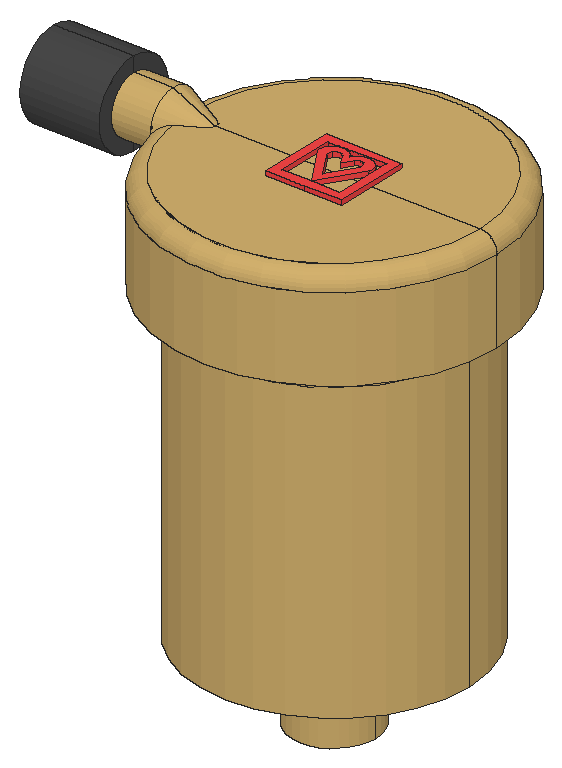
Revit family "Automatic air vents 2630 02", category Rohrzubehör, Revit 2020
Family settings
  Bemaßung runder Anschluss = Durchmesser verwenden
  Teiletyp = Normal
  OmniClass-Nummer = 23.65.55.14
  OmniClass-Titel = Valves for Liquid Services
  Arbeitsebenenbasiert = Nein
  Immer vertikal = Ja
  Beim Laden mit Abzugskörper schneiden = Nein
  Gemeinsam genutzt = Nein
Parameters
  Vorgabe-Ansicht = 0.000 mm
  URL = "www.herzvalves.com"
  SCRNSEQ = "AWI;AWI_TYP=\"1013\";1"
  SCRNCODE = "05;14;01"  # constant formula
  Part number [instance] = if(Nennweite AG = 10.000 mm, 1263002, 0)  # 1263002
  Float ball = "polypropylene "  # constant formula
  S02 = 11.000 mm  # constant formula
  S01 = 24.500 mm  # constant formula
  R01 = 2.000 mm  # constant formula
  Nennweite AG [instance] = 10.000 mm  # constant formula
  min. Operating temperature = 0 °C  # constant formula
  Medium = "heating water quality according to ÖNORM H5195 or VDI-Standard 2035.\r\nthe use of ethylene or propylene glycol in a mixing ratio 25-50% is allowed.\r\nplease refer to manufacturers documentation when using ethylene glycol products for frost and corrosion protection.\r\nthe HERZ air vent is not suitable for usage of aggressive medium (such as: acids, alkalis, combustible and explosive gases..) because it can damage the sealing components."
  max. Structual pressure = 1200000.0 Pa  # constant formula
  max. Operating temperature = 110 °C  # constant formula
  max. Operating pressure = 800000.0 Pa  # constant formula
  L04 = L00 - L01  # 24.000 mm
  L03 = 13.500 mm  # constant formula
  L02 = 4.800 mm  # constant formula
  L01 = 9.500 mm  # constant formula
  L00 = 33.500 mm  # constant formula
  Hersteller = "Herz-Armaturen GmbH"  # constant formula
  H05 = H00 - 1.000 mm  # 58.000 mm
  H04 = H03 - D03  # 57.900 mm
  H03 = 63.000 mm  # constant formula
  H02 = 9.500 mm  # constant formula
  H01 = 12.000 mm  # constant formula
  H00 = 59.000 mm  # constant formula
  Housing = "forged brass acc. to EN 12165, CW617N "  # constant formula
  G1 [instance] = Nennweite AG / 2  # 5.000 mm
  Sealing = "NBR"  # constant formula
  Lid = "forged brass acc. to EN 12165, CW617N"  # constant formula
  D05 = 0.800 mm  # constant formula
  D04 = 3.400 mm  # constant formula
  D03 = 5.100 mm  # constant formula
  D02 = 19.500 mm  # constant formula
  D01 = 16.200 mm  # constant formula
  External threaded connectors = "acc. to ISO 228"  # constant formula
  Field of application = "HERZ - Air vent is used for venting of the central heating installations.\r\nthe air vent should be placed nearby the boiler or at the highest points of installation.\r\ninstallations must be carried out in such a way that the retention of air bubbles in a certain part of installation is not possible.\r\nbefore usage, unscrew the polypropylene cover cap on the lid for 2 to 3 turns.\r\nin case of uncontrolled medium leakage, tighten the cover cap.\r\nthe air vent must be cleaned or replaced.\r\nwe always recommend to use backflow preventer for easy service and replacement of the air vent."
  Cover cap = "polypropylene, black colour"  # constant formula
Reference planes
  plane 1 "Mitte (Vorne/hinten)": y = 0
  plane 2: z = 0
  plane 3 "Mitte (Links/rechts)": x = 0
Forms (mm)
  Revolve 1, solid, material "Messing", detail levels fine
    sketch origin (0, 0, 0) x (1, 0, 0) y (0, 0, 1)
      loop
        line (0, 0) -> (0, 59) -> (-17.5, 59)
        arc (-17.5, 59) -> (-18.914, 58.414) -> (-19.5, 57) r 2
        line (-19.5, 57) -> (-19.5, 47) -> (-18.2, 47)
        arc (-18.2, 47) -> (-16.786, 46.414) -> (-16.2, 45) r 2
        line (-16.2, 45) -> (-16.2, 9.5) -> (-5, 9.5) -> (-5, 0) -> (0, 0)
      axis (0, 59) -> (0, 0)
    angle from 0 to 360
  Revolve 2, solid, material "Kunststoff - schwarz", detail levels fine
    sketch origin (0, 0, 0) x (1, 0, 0) y (0, 0, 1)
      loop
        line (-33.5, 57.9) -> (-24, 57.9) -> (-24, 63) -> (-33.5, 63) -> (-33.5, 57.9)
      axis (-33.5, 57.9) -> (-24, 57.9)
    angle from 0 to 360
  Revolve 3, solid, material "Messing", detail levels fine
    sketch origin (0, 0, 0) x (1, 0, 0) y (0, 0, 1)
      loop
        line (-24, 57.9) -> (0, 57.9) -> (0, 58.7) -> (-13.5, 58.7) -> (-19.2, 61.3) -> (-24, 61.3) -> (-24, 57.9)
      axis (-24, 57.9) -> (0, 57.9)
    angle from 0 to 360
Lines and regions (mm)
  model lines, detail levels coarse+medium
    curve 1: line (0, 0, 59) -> (-11.455, 0, 47.545)
    curve 2: line (0, 0, 59) -> (11.455, 0, 47.545)
    curve 3: circle (0, 0, 34.5) r 11 normal (0, -1, 0)
    curve 4: line (0, 0, 10) -> (-11.455, 0, 21.455)
    curve 5: line (0, 0, 10) -> (11.455, 0, 21.455)
    curve 6: line (0, 0, 59) -> (0, 0, 45.5)
    curve 7: line (0, 0, 23.5) -> (0, 0, 0)
    curve 8: line (0, 0, 59) -> (0, -11.455, 47.545)
    curve 9: line (0, 0, 59) -> (0, 11.455, 47.545)
    curve 10: circle (0, 0, 34.5) r 11 normal (1, 0, 0)
    curve 11: line (0, 0, 10) -> (0, -11.455, 21.455)
    curve 12: line (0, 0, 10) -> (0, 11.455, 21.455)
    curve 13: line (0, 59, 0) -> (11.455, 47.545, 0)
    curve 14: line (0, 59, 0) -> (-11.455, 47.545, 0)
    curve 15: circle (0, 34.5, 0) r 11 normal (0, 0, 1)
    curve 16: line (0, 59, 0) -> (0, 45.5, 0)
    curve 17: line (0, 23.5, 0) -> (0, 0, 0)
    curve 18: line (0, 10, 0) -> (11.455, 21.455, 0)
    curve 19: line (0, 10, 0) -> (-11.455, 21.455, 0)
Dimensions and locks
  "G1": Revolve 1 sketch curve to Revolve 1 sketch curve
  "H00": Revolve 1 sketch curve to Revolve 1 sketch curve
  "D01": Revolve 1 sketch curve to Revolve 1 sketch curve
  "D02": Revolve 1 sketch curve to Revolve 1 sketch curve
  "H02": Revolve 1 sketch curve to Revolve 1 sketch curve
  "H01": Revolve 1 sketch curve to Revolve 1 sketch curve
  "D03": Revolve 2 sketch curve to Revolve 2 sketch curve
  "L01": Revolve 2 sketch curve to Revolve 2 sketch curve
  "L00": Revolve 2 sketch curve to plane 3 "Mitte (Links/rechts)"
  "D04": Revolve 3 sketch curve to Revolve 3 sketch curve
  "L02": Revolve 3 sketch curve to Revolve 3 sketch curve
  "L03": Revolve 3 sketch curve to plane 3 "Mitte (Links/rechts)"
  "L04": Revolve 3 sketch curve to plane 3 "Mitte (Links/rechts)"
  "D05": Revolve 3 sketch curve to Revolve 3 sketch curve
  "H03": Revolve 2 sketch curve to plane 2
  "H04": Revolve 3 sketch curve to plane 2
  "H05": nested 1 to plane 2
  "D01": curve 2 to curve 2
  "D01": curve 1 to curve 2
  "S01": curve 5 to curve 3 to curve 2
  "H00": curve 6 to plane 2
  "D01": curve 4 to curve 5
  "D01": curve 5 to curve 5
  "S01": curve 9 to curve 10
  "H00": curve 9 to plane 2
  "S01": curve 12 to curve 10
  "D01": curve 8 to curve 8
  "D01": curve 9 to curve 9
  "D01": curve 11 to curve 11
  "D01": curve 12 to curve 12
  "H00": curve 16 to curve 17
  "D01": curve 14 to curve 14
  "D01": curve 13 to curve 13
  "D01": curve 19 to curve 19
  "D01": curve 18 to curve 18
  "S01": curve 16 to curve 15 to curve 19
  "R01": radius of Revolve 1 sketch curve  (x2)
  "S02": radius of curve 3
  "S02": radius of curve 10
  "S02": radius of curve 15
  angle curve 1 to curve 6 = 45.00°
  angle curve 6 to curve 2 = 45.00°
  angle curve 5 to curve 7 = 45.00°
  angle curve 7 to curve 4 = 45.00°
  angle plane 1 "Mitte (Vorne/hinten)" to curve 9 = 45.00°
  angle curve 8 to plane 1 "Mitte (Vorne/hinten)" = 45.00°
  angle plane 1 "Mitte (Vorne/hinten)" to curve 11 = 45.00°
  angle curve 12 to plane 1 "Mitte (Vorne/hinten)" = 45.00°
  angle curve 16 to curve 13 = 45.00°
  angle curve 14 to curve 16 = 45.00°
  angle curve 16 to curve 19 = 45.00°
  angle curve 18 to curve 17 = 45.00°
  aligned and locked: level to plane 2
Automatic sketch dimensions
  curve 12 to plane 1 "Mitte (Vorne/hinten)" = 0.000 mm
  curve 10 to plane 1 "Mitte (Vorne/hinten)" = 0.000 mm
  curve 9 to plane 1 "Mitte (Vorne/hinten)" = 0.000 mm
  curve 2 to plane 3 "Mitte (Links/rechts)" = 0.000 mm
  curve 7 to plane 3 "Mitte (Links/rechts)" = 0.000 mm
  curve 3 to plane 3 "Mitte (Links/rechts)" = 0.000 mm
  curve 4 to plane 3 "Mitte (Links/rechts)" = 0.000 mm
  curve 14 to plane 3 "Mitte (Links/rechts)" = 0.000 mm
  curve 19 to plane 3 "Mitte (Links/rechts)" = 0.000 mm
  curve 15 to plane 3 "Mitte (Links/rechts)" = 0.000 mm
  curve 17 to plane 3 "Mitte (Links/rechts)" = 0.000 mm
  plane 1 "Mitte (Vorne/hinten)" to curve 17 = 0.000 mm
  Revolve 1 sketch curve to level = 0.000 mm
  Revolve 1 sketch curve to plane 3 "Mitte (Links/rechts)" = 0.000 mm  (x2)
  Revolve 1 sketch curve to level = 2000.000 mm
  Revolve 1 sketch curve to Revolve 1 sketch curve = 1937.000 mm
  Revolve 2 sketch curve to Revolve 2 sketch curve = 0.000 mm  (x3)
  Revolve 3 sketch curve to plane 3 "Mitte (Links/rechts)" = 0.000 mm
  Revolve 3 sketch curve to Revolve 3 sketch curve = 0.212 mm
  Revolve 3 sketch curve to plane 3 "Mitte (Links/rechts)" = 0.539 mm
  Revolve 3 sketch curve to Revolve 3 sketch curve = 0.000 mm
Nested families
  nested 1: "Herz-Logo" at (0, 0, 58), type "Herz-Logo", detail levels fine
Connectors
  piping at (0, 0, 0), diameter 10, driven by "Nennweite AG"
    settings: on Revolve 1, index 1, connector inside diameter 609.6 mm, connector length 0.000 mm, flow factor 0, pipe flow 0.0 L/s, pressure drop 0.0 Pa, fitting loss kfactor 0, connector angle 0.00°, fixture units 0, engagement length 0.000 mm, angle of deflection 0.00°, flow configuration 0, flow direction 1, fitting loss method 0, system type 29, joint type 0, gender type 0, connector reference index -1, connector utility 0, adjustable connector no, is connector primary yes, connector description ""
Definition of nested family "Herz-Logo"
  Parameters (values of type "Herz-Logo")
    Default Elevation = 0.000 mm
  Reference planes
    plane 1 "Mitte (Vorne/hinten)": y = 0
    plane 2: z = 0
    plane 3 "Mitte (Links/rechts)": x = 0
  Forms (mm)
    Extrusion 1, solid
      sketch origin (0, 0, 0) x (1, 0, 0) y (0, 1, 0)
        loop
          line (-0.018, -4.517) -> (4.482, -4.517) -> (4.482, 4.483) -> (-4.518, 4.483) -> (-4.518, -4.517) -> (-0.018, -4.517)
        loop
          line (-0.05, -3.48) -> (3.482, -3.48) -> (3.482, 3.483) -> (-3.518, 3.483) -> (-3.518, -3.48) -> (-0.05, -3.48)
        loop
          arc (-0.018, 2.383) -> (-1.543, 3.287) -> (-3.067, 2.383) r 1.738
          arc (-3.067, 2.383) -> (-3.191, 1.899) -> (-3.067, 1.415) r 1.009
          line (-3.067, 1.415) -> (-0.018, -3.281) -> (3.032, 1.415)
          arc (3.032, 1.415) -> (3.156, 1.899) -> (3.032, 2.383) r 1.009
          arc (3.032, 2.383) -> (1.507, 3.287) -> (-0.018, 2.383) r 1.738
        loop
          arc (1.885, 1.272) -> (2.005, 1.675) -> (1.885, 2.079) r 0.74
          arc (1.885, 2.079) -> (1.265, 2.416) -> (0.644, 2.079) r 0.74
          line (0.644, 2.079) -> (-0.018, 0.97) -> (-0.679, 2.079)
          arc (-0.679, 2.079) -> (-1.3, 2.416) -> (-1.921, 2.079) r 0.74
          arc (-1.921, 2.079) -> (-2.04, 1.675) -> (-1.921, 1.272) r 0.74
          line (-1.921, 1.272) -> (-0.018, -1.658) -> (1.885, 1.272)
      from 0 to 1.5
  Dimensions and locks
    aligned and locked: level to plane 2
